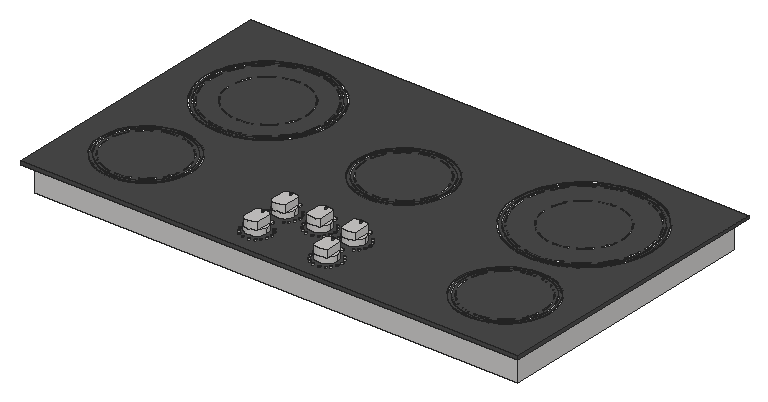
Revit family "QF_Summit_CR5B36MB_Electric Cooktop", category Specialty Equipment, Revit 2020 (continued)
Lines and regions (in)
  symbolic lines
    curve 420: line (28.1715, -16.87962, 0) -> (28.14424, -16.89489, 0)
    curve 421: arc (27.79046, -15.50272, 0) -> (27.82978, -16.0053, 0) -> (27.95934, -16.49248, 0) r 2.77605
    curve 422: line (27.95934, -16.49248, 0) -> (27.98869, -16.48174, 0)
    curve 423: arc (27.98869, -16.48174, 0) -> (27.86055, -15.99984, 0) -> (27.82171, -15.50272, 0) r 2.7448
    curve 424: line (27.82171, -15.50272, 0) -> (27.79046, -15.50272, 0)
    curve 425: arc (16, -15.99759, 0) -> (15.25, -15.24759, 0) -> (14.5, -15.99759, 0) r 0.75
    curve 426: arc (14.5, -15.99759, 0) -> (15.25, -16.74759, 0) -> (16, -15.99759, 0) r 0.75
    curve 427: arc (18.5, -15.99759, 0) -> (17.75, -15.24759, 0) -> (17, -15.99759, 0) r 0.75
    curve 428: arc (17, -15.99759, 0) -> (17.75, -16.74759, 0) -> (18.5, -15.99759, 0) r 0.75
    curve 429: arc (21, -15.99759, 0) -> (20.25, -15.24759, 0) -> (19.5, -15.99759, 0) r 0.75
    curve 430: arc (19.5, -15.99759, 0) -> (20.25, -16.74759, 0) -> (21, -15.99759, 0) r 0.75
    curve 431: arc (16, -18.49759, 0) -> (15.25, -17.74759, 0) -> (14.5, -18.49759, 0) r 0.75
    curve 432: arc (14.5, -18.49759, 0) -> (15.25, -19.24759, 0) -> (16, -18.49759, 0) r 0.75
    curve 433: arc (21, -18.49759, 0) -> (20.25, -17.74759, 0) -> (19.5, -18.49759, 0) r 0.75
    curve 434: arc (19.5, -18.49759, 0) -> (20.25, -19.24759, 0) -> (21, -18.49759, 0) r 0.75
    curve 435: line (19.73023, -17.9569, 0) -> (19.73023, -19.03827, 0)
    curve 436: line (20.76977, -19.03827, 0) -> (20.76977, -17.9569, 0)
    curve 437: arc (20.18649, -17.9429, 0) -> (20.25, -18.00641, 0) -> (20.31351, -17.9429, 0) r 0.06351
    curve 438: arc (20.31351, -17.9429, 0) -> (20.25, -17.87939, 0) -> (20.18649, -17.9429, 0) r 0.06351
    curve 439: line (14.73023, -17.9569, 0) -> (14.73023, -19.03827, 0)
    curve 440: line (15.76977, -19.03827, 0) -> (15.76977, -17.9569, 0)
    curve 441: arc (15.18649, -17.9429, 0) -> (15.25, -18.00641, 0) -> (15.31351, -17.9429, 0) r 0.06351
    curve 442: arc (15.31351, -17.9429, 0) -> (15.25, -17.87939, 0) -> (15.18649, -17.9429, 0) r 0.06351
    curve 443: arc (15.43787, -17.27718, 0) -> (15.25, -17.08931, 0) -> (15.06213, -17.27718, 0) r 0.18787
    curve 444: arc (15.06213, -17.27718, 0) -> (15.25, -17.46506, 0) -> (15.43787, -17.27718, 0) r 0.18787
    curve 445: arc (20.06213, -17.27718, 0) -> (20.25, -17.46506, 0) -> (20.43787, -17.27718, 0) r 0.18787
    curve 446: arc (20.43787, -17.27718, 0) -> (20.25, -17.08931, 0) -> (20.06213, -17.27718, 0) r 0.18787
    curve 447: line (14.73023, -15.4569, 0) -> (14.73023, -16.53827, 0)
    curve 448: arc (15.18649, -15.4429, 0) -> (15.25, -15.50641, 0) -> (15.31351, -15.4429, 0) r 0.06351
    curve 449: arc (15.31351, -15.4429, 0) -> (15.25, -15.37939, 0) -> (15.18649, -15.4429, 0) r 0.06351
    curve 450: line (15.76977, -16.53827, 0) -> (15.76977, -15.4569, 0)
    curve 451: line (17.23023, -15.4569, 0) -> (17.23023, -16.53827, 0)
    curve 452: line (18.26977, -16.53827, 0) -> (18.26977, -15.4569, 0)
    curve 453: line (19.73023, -15.4569, 0) -> (19.73023, -16.53827, 0)
    curve 454: line (20.76977, -16.53827, 0) -> (20.76977, -15.4569, 0)
    curve 455: arc (15.06213, -14.77718, 0) -> (15.25, -14.96506, 0) -> (15.43787, -14.77718, 0) r 0.18787
    curve 456: arc (15.43787, -14.77718, 0) -> (15.25, -14.58931, 0) -> (15.06213, -14.77718, 0) r 0.18787
    curve 457: arc (17.56213, -14.77718, 0) -> (17.75, -14.96506, 0) -> (17.93787, -14.77718, 0) r 0.18787
    curve 458: arc (17.93787, -14.77718, 0) -> (17.75, -14.58931, 0) -> (17.56213, -14.77718, 0) r 0.18787
    curve 459: arc (20.06213, -14.77718, 0) -> (20.25, -14.96506, 0) -> (20.43787, -14.77718, 0) r 0.18787
    curve 460: arc (20.43787, -14.77718, 0) -> (20.25, -14.58931, 0) -> (20.06213, -14.77718, 0) r 0.18787
    curve 461: arc (17.68649, -15.4429, 0) -> (17.75, -15.50641, 0) -> (17.81351, -15.4429, 0) r 0.06351
    curve 462: arc (17.81351, -15.4429, 0) -> (17.75, -15.37939, 0) -> (17.68649, -15.4429, 0) r 0.06351
    curve 463: arc (20.18649, -15.4429, 0) -> (20.25, -15.50641, 0) -> (20.31351, -15.4429, 0) r 0.06351
    curve 464: arc (20.31351, -15.4429, 0) -> (20.25, -15.37939, 0) -> (20.18649, -15.4429, 0) r 0.06351
    curve 465: arc (14.51052, -15.26059, 0) -> (14.57403, -15.3241, 0) -> (14.63754, -15.26059, 0) r 0.06351
    curve 466: arc (14.63754, -15.26059, 0) -> (14.57403, -15.19708, 0) -> (14.51052, -15.26059, 0) r 0.06351
    curve 467: arc (14.30233, -15.52432, 0) -> (14.36584, -15.58783, 0) -> (14.42935, -15.52432, 0) r 0.06351
    curve 468: arc (14.42935, -15.52432, 0) -> (14.36584, -15.46081, 0) -> (14.30233, -15.52432, 0) r 0.06351
    curve 469: arc (14.17128, -15.88931, 0) -> (14.23479, -15.95282, 0) -> (14.2983, -15.88931, 0) r 0.06351
    curve 470: arc (14.2983, -15.88931, 0) -> (14.23479, -15.8258, 0) -> (14.17128, -15.88931, 0) r 0.06351
    curve 471: arc (14.23065, -16.2642, 0) -> (14.29416, -16.32771, 0) -> (14.35767, -16.2642, 0) r 0.06351
    curve 472: arc (14.35767, -16.2642, 0) -> (14.29416, -16.20069, 0) -> (14.23065, -16.2642, 0) r 0.06351
    curve 473: arc (14.39535, -16.60187, 0) -> (14.45886, -16.66538, 0) -> (14.52237, -16.60187, 0) r 0.06351
    curve 474: arc (14.52237, -16.60187, 0) -> (14.45886, -16.53836, 0) -> (14.39535, -16.60187, 0) r 0.06351
    curve 475: arc (14.61566, -16.82218, 0) -> (14.67917, -16.88569, 0) -> (14.74268, -16.82218, 0) r 0.06351
    curve 476: arc (14.74268, -16.82218, 0) -> (14.67917, -16.75867, 0) -> (14.61566, -16.82218, 0) r 0.06351
    curve 477: arc (15.75732, -16.82218, 0) -> (15.82083, -16.88569, 0) -> (15.88434, -16.82218, 0) r 0.06351
    curve 478: arc (15.88434, -16.82218, 0) -> (15.82083, -16.75867, 0) -> (15.75732, -16.82218, 0) r 0.06351
    curve 479: arc (15.97763, -16.60187, 0) -> (16.04114, -16.66538, 0) -> (16.10465, -16.60187, 0) r 0.06351
    curve 480: arc (16.10465, -16.60187, 0) -> (16.04114, -16.53836, 0) -> (15.97763, -16.60187, 0) r 0.06351
    curve 481: arc (16.14233, -16.2642, 0) -> (16.20584, -16.32771, 0) -> (16.26935, -16.2642, 0) r 0.06351
    curve 482: arc (16.26935, -16.2642, 0) -> (16.20584, -16.20069, 0) -> (16.14233, -16.2642, 0) r 0.06351
    curve 483: arc (16.2017, -15.88931, 0) -> (16.26521, -15.95282, 0) -> (16.32872, -15.88931, 0) r 0.06351
    curve 484: arc (16.32872, -15.88931, 0) -> (16.26521, -15.8258, 0) -> (16.2017, -15.88931, 0) r 0.06351
    curve 485: arc (16.07065, -15.52432, 0) -> (16.13416, -15.58783, 0) -> (16.19767, -15.52432, 0) r 0.06351
    curve 486: arc (16.19767, -15.52432, 0) -> (16.13416, -15.46081, 0) -> (16.07065, -15.52432, 0) r 0.06351
    curve 487: arc (15.86246, -15.26059, 0) -> (15.92597, -15.3241, 0) -> (15.98948, -15.26059, 0) r 0.06351
    curve 488: arc (15.98948, -15.26059, 0) -> (15.92597, -15.19708, 0) -> (15.86246, -15.26059, 0) r 0.06351
    curve 489: arc (17.01052, -15.26059, 0) -> (17.07403, -15.3241, 0) -> (17.13754, -15.26059, 0) r 0.06351
    curve 490: arc (17.13754, -15.26059, 0) -> (17.07403, -15.19708, 0) -> (17.01052, -15.26059, 0) r 0.06351
    curve 491: arc (16.80233, -15.52432, 0) -> (16.86584, -15.58783, 0) -> (16.92935, -15.52432, 0) r 0.06351
    curve 492: arc (16.92935, -15.52432, 0) -> (16.86584, -15.46081, 0) -> (16.80233, -15.52432, 0) r 0.06351
    curve 493: arc (16.67128, -15.88931, 0) -> (16.73479, -15.95282, 0) -> (16.7983, -15.88931, 0) r 0.06351
    curve 494: arc (16.7983, -15.88931, 0) -> (16.73479, -15.8258, 0) -> (16.67128, -15.88931, 0) r 0.06351
    curve 495: arc (16.73065, -16.2642, 0) -> (16.79416, -16.32771, 0) -> (16.85767, -16.2642, 0) r 0.06351
    curve 496: arc (16.85767, -16.2642, 0) -> (16.79416, -16.20069, 0) -> (16.73065, -16.2642, 0) r 0.06351
    curve 497: arc (16.89535, -16.60187, 0) -> (16.95886, -16.66538, 0) -> (17.02237, -16.60187, 0) r 0.06351
    curve 498: arc (17.02237, -16.60187, 0) -> (16.95886, -16.53836, 0) -> (16.89535, -16.60187, 0) r 0.06351
    curve 499: arc (17.11566, -16.82218, 0) -> (17.17917, -16.88569, 0) -> (17.24268, -16.82218, 0) r 0.06351
    curve 500: arc (17.24268, -16.82218, 0) -> (17.17917, -16.75867, 0) -> (17.11566, -16.82218, 0) r 0.06351
    curve 501: arc (18.25732, -16.82218, 0) -> (18.32083, -16.88569, 0) -> (18.38434, -16.82218, 0) r 0.06351
    curve 502: arc (18.38434, -16.82218, 0) -> (18.32083, -16.75867, 0) -> (18.25732, -16.82218, 0) r 0.06351
    curve 503: arc (18.47763, -16.60187, 0) -> (18.54114, -16.66538, 0) -> (18.60465, -16.60187, 0) r 0.06351
    curve 504: arc (18.60465, -16.60187, 0) -> (18.54114, -16.53836, 0) -> (18.47763, -16.60187, 0) r 0.06351
    curve 505: arc (18.64233, -16.2642, 0) -> (18.70584, -16.32771, 0) -> (18.76935, -16.2642, 0) r 0.06351
    curve 506: arc (18.76935, -16.2642, 0) -> (18.70584, -16.20069, 0) -> (18.64233, -16.2642, 0) r 0.06351
    curve 507: arc (18.7017, -15.88931, 0) -> (18.76521, -15.95282, 0) -> (18.82872, -15.88931, 0) r 0.06351
    curve 508: arc (18.82872, -15.88931, 0) -> (18.76521, -15.8258, 0) -> (18.7017, -15.88931, 0) r 0.06351
    curve 509: arc (18.57065, -15.52432, 0) -> (18.63416, -15.58783, 0) -> (18.69767, -15.52432, 0) r 0.06351
    curve 510: arc (18.69767, -15.52432, 0) -> (18.63416, -15.46081, 0) -> (18.57065, -15.52432, 0) r 0.06351
    curve 511: arc (18.36246, -15.26059, 0) -> (18.42597, -15.3241, 0) -> (18.48948, -15.26059, 0) r 0.06351
    curve 512: arc (18.48948, -15.26059, 0) -> (18.42597, -15.19708, 0) -> (18.36246, -15.26059, 0) r 0.06351
    curve 513: arc (19.51052, -15.26059, 0) -> (19.57403, -15.3241, 0) -> (19.63754, -15.26059, 0) r 0.06351
    curve 514: arc (19.63754, -15.26059, 0) -> (19.57403, -15.19708, 0) -> (19.51052, -15.26059, 0) r 0.06351
    curve 515: arc (19.30233, -15.52432, 0) -> (19.36584, -15.58783, 0) -> (19.42935, -15.52432, 0) r 0.06351
    curve 516: arc (19.42935, -15.52432, 0) -> (19.36584, -15.46081, 0) -> (19.30233, -15.52432, 0) r 0.06351
    curve 517: arc (19.17128, -15.88931, 0) -> (19.23479, -15.95282, 0) -> (19.2983, -15.88931, 0) r 0.06351
    curve 518: arc (19.2983, -15.88931, 0) -> (19.23479, -15.8258, 0) -> (19.17128, -15.88931, 0) r 0.06351
    curve 519: arc (19.23065, -16.2642, 0) -> (19.29416, -16.32771, 0) -> (19.35767, -16.2642, 0) r 0.06351
    curve 520: arc (19.35767, -16.2642, 0) -> (19.29416, -16.20069, 0) -> (19.23065, -16.2642, 0) r 0.06351
    curve 521: arc (19.39535, -16.60187, 0) -> (19.45886, -16.66538, 0) -> (19.52237, -16.60187, 0) r 0.06351
    curve 522: arc (19.52237, -16.60187, 0) -> (19.45886, -16.53836, 0) -> (19.39535, -16.60187, 0) r 0.06351
    curve 523: arc (19.61566, -16.82218, 0) -> (19.67917, -16.88569, 0) -> (19.74268, -16.82218, 0) r 0.06351
    curve 524: arc (19.74268, -16.82218, 0) -> (19.67917, -16.75867, 0) -> (19.61566, -16.82218, 0) r 0.06351
    curve 525: arc (20.75732, -16.82218, 0) -> (20.82083, -16.88569, 0) -> (20.88434, -16.82218, 0) r 0.06351
    curve 526: arc (20.88434, -16.82218, 0) -> (20.82083, -16.75867, 0) -> (20.75732, -16.82218, 0) r 0.06351
    curve 527: arc (20.97763, -16.60187, 0) -> (21.04114, -16.66538, 0) -> (21.10465, -16.60187, 0) r 0.06351
    curve 528: arc (21.10465, -16.60187, 0) -> (21.04114, -16.53836, 0) -> (20.97763, -16.60187, 0) r 0.06351
    curve 529: arc (21.14233, -16.2642, 0) -> (21.20584, -16.32771, 0) -> (21.26935, -16.2642, 0) r 0.06351
    curve 530: arc (21.26935, -16.2642, 0) -> (21.20584, -16.20069, 0) -> (21.14233, -16.2642, 0) r 0.06351
    curve 531: arc (21.2017, -15.88931, 0) -> (21.26521, -15.95282, 0) -> (21.32872, -15.88931, 0) r 0.06351
    curve 532: arc (21.32872, -15.88931, 0) -> (21.26521, -15.8258, 0) -> (21.2017, -15.88931, 0) r 0.06351
    curve 533: arc (21.07065, -15.52432, 0) -> (21.13416, -15.58783, 0) -> (21.19767, -15.52432, 0) r 0.06351
    curve 534: arc (21.19767, -15.52432, 0) -> (21.13416, -15.46081, 0) -> (21.07065, -15.52432, 0) r 0.06351
    curve 535: arc (20.86246, -15.26059, 0) -> (20.92597, -15.3241, 0) -> (20.98948, -15.26059, 0) r 0.06351
    curve 536: arc (20.98948, -15.26059, 0) -> (20.92597, -15.19708, 0) -> (20.86246, -15.26059, 0) r 0.06351
    curve 537: arc (14.51052, -17.76059, 0) -> (14.57403, -17.8241, 0) -> (14.63754, -17.76059, 0) r 0.06351
    curve 538: arc (14.63754, -17.76059, 0) -> (14.57403, -17.69708, 0) -> (14.51052, -17.76059, 0) r 0.06351
    curve 539: arc (14.30233, -18.02432, 0) -> (14.36584, -18.08783, 0) -> (14.42935, -18.02432, 0) r 0.06351
    curve 540: arc (14.42935, -18.02432, 0) -> (14.36584, -17.96081, 0) -> (14.30233, -18.02432, 0) r 0.06351
    curve 541: arc (14.17128, -18.38931, 0) -> (14.23479, -18.45282, 0) -> (14.2983, -18.38931, 0) r 0.06351
    curve 542: arc (14.2983, -18.38931, 0) -> (14.23479, -18.3258, 0) -> (14.17128, -18.38931, 0) r 0.06351
    curve 543: arc (14.23065, -18.7642, 0) -> (14.29416, -18.82771, 0) -> (14.35767, -18.7642, 0) r 0.06351
    curve 544: arc (14.35767, -18.7642, 0) -> (14.29416, -18.70069, 0) -> (14.23065, -18.7642, 0) r 0.06351
    curve 545: arc (14.39535, -19.10187, 0) -> (14.45886, -19.16538, 0) -> (14.52237, -19.10187, 0) r 0.06351
    curve 546: arc (14.52237, -19.10187, 0) -> (14.45886, -19.03836, 0) -> (14.39535, -19.10187, 0) r 0.06351
    curve 547: arc (14.61566, -19.32218, 0) -> (14.67917, -19.38569, 0) -> (14.74268, -19.32218, 0) r 0.06351
    curve 548: arc (14.74268, -19.32218, 0) -> (14.67917, -19.25867, 0) -> (14.61566, -19.32218, 0) r 0.06351
    curve 549: arc (15.75732, -19.32218, 0) -> (15.82083, -19.38569, 0) -> (15.88434, -19.32218, 0) r 0.06351
    curve 550: arc (15.88434, -19.32218, 0) -> (15.82083, -19.25867, 0) -> (15.75732, -19.32218, 0) r 0.06351
    curve 551: arc (15.97763, -19.10187, 0) -> (16.04114, -19.16538, 0) -> (16.10465, -19.10187, 0) r 0.06351
    curve 552: arc (16.10465, -19.10187, 0) -> (16.04114, -19.03836, 0) -> (15.97763, -19.10187, 0) r 0.06351
    curve 553: arc (16.14233, -18.7642, 0) -> (16.20584, -18.82771, 0) -> (16.26935, -18.7642, 0) r 0.06351
    curve 554: arc (16.26935, -18.7642, 0) -> (16.20584, -18.70069, 0) -> (16.14233, -18.7642, 0) r 0.06351
    curve 555: arc (16.2017, -18.38931, 0) -> (16.26521, -18.45282, 0) -> (16.32872, -18.38931, 0) r 0.06351
    curve 556: arc (16.32872, -18.38931, 0) -> (16.26521, -18.3258, 0) -> (16.2017, -18.38931, 0) r 0.06351
    curve 557: arc (16.07065, -18.02432, 0) -> (16.13416, -18.08783, 0) -> (16.19767, -18.02432, 0) r 0.06351
    curve 558: arc (16.19767, -18.02432, 0) -> (16.13416, -17.96081, 0) -> (16.07065, -18.02432, 0) r 0.06351
    curve 559: arc (15.86246, -17.76059, 0) -> (15.92597, -17.8241, 0) -> (15.98948, -17.76059, 0) r 0.06351
    curve 560: arc (15.98948, -17.76059, 0) -> (15.92597, -17.69708, 0) -> (15.86246, -17.76059, 0) r 0.06351
    curve 561: arc (19.51052, -17.76059, 0) -> (19.57403, -17.8241, 0) -> (19.63754, -17.76059, 0) r 0.06351
    curve 562: arc (19.63754, -17.76059, 0) -> (19.57403, -17.69708, 0) -> (19.51052, -17.76059, 0) r 0.06351
    curve 563: arc (19.30233, -18.02432, 0) -> (19.36584, -18.08783, 0) -> (19.42935, -18.02432, 0) r 0.06351
    curve 564: arc (19.42935, -18.02432, 0) -> (19.36584, -17.96081, 0) -> (19.30233, -18.02432, 0) r 0.06351
    curve 565: arc (19.17128, -18.38931, 0) -> (19.23479, -18.45282, 0) -> (19.2983, -18.38931, 0) r 0.06351
    curve 566: arc (19.2983, -18.38931, 0) -> (19.23479, -18.3258, 0) -> (19.17128, -18.38931, 0) r 0.06351
    curve 567: arc (19.23065, -18.7642, 0) -> (19.29416, -18.82771, 0) -> (19.35767, -18.7642, 0) r 0.06351
    curve 568: arc (19.35767, -18.7642, 0) -> (19.29416, -18.70069, 0) -> (19.23065, -18.7642, 0) r 0.06351
    curve 569: arc (19.39535, -19.10187, 0) -> (19.45886, -19.16538, 0) -> (19.52237, -19.10187, 0) r 0.06351
    curve 570: arc (19.52237, -19.10187, 0) -> (19.45886, -19.03836, 0) -> (19.39535, -19.10187, 0) r 0.06351
    curve 571: arc (19.61566, -19.32218, 0) -> (19.67917, -19.38569, 0) -> (19.74268, -19.32218, 0) r 0.06351
    curve 572: arc (19.74268, -19.32218, 0) -> (19.67917, -19.25867, 0) -> (19.61566, -19.32218, 0) r 0.06351
    curve 573: arc (20.75732, -19.32218, 0) -> (20.82083, -19.38569, 0) -> (20.88434, -19.32218, 0) r 0.06351
    curve 574: arc (20.88434, -19.32218, 0) -> (20.82083, -19.25867, 0) -> (20.75732, -19.32218, 0) r 0.06351
    curve 575: arc (20.97763, -19.10187, 0) -> (21.04114, -19.16538, 0) -> (21.10465, -19.10187, 0) r 0.06351
    curve 576: arc (21.10465, -19.10187, 0) -> (21.04114, -19.03836, 0) -> (20.97763, -19.10187, 0) r 0.06351
    curve 577: arc (21.14233, -18.7642, 0) -> (21.20584, -18.82771, 0) -> (21.26935, -18.7642, 0) r 0.06351
    curve 578: arc (21.26935, -18.7642, 0) -> (21.20584, -18.70069, 0) -> (21.14233, -18.7642, 0) r 0.06351
    curve 579: arc (21.2017, -18.38931, 0) -> (21.26521, -18.45282, 0) -> (21.32872, -18.38931, 0) r 0.06351
    curve 580: arc (21.32872, -18.38931, 0) -> (21.26521, -18.3258, 0) -> (21.2017, -18.38931, 0) r 0.06351
    curve 581: arc (21.07065, -18.02432, 0) -> (21.13416, -18.08783, 0) -> (21.19767, -18.02432, 0) r 0.06351
    curve 582: arc (21.19767, -18.02432, 0) -> (21.13416, -17.96081, 0) -> (21.07065, -18.02432, 0) r 0.06351
    curve 583: arc (20.86246, -17.76059, 0) -> (20.92597, -17.8241, 0) -> (20.98948, -17.76059, 0) r 0.06351
    curve 584: arc (20.98948, -17.76059, 0) -> (20.92597, -17.69708, 0) -> (20.86246, -17.76059, 0) r 0.06351
    curve 585: arc (14.95469, -19.46732, 0) -> (15.0182, -19.53083, 0) -> (15.08171, -19.46732, 0) r 0.06351
    curve 586: arc (15.08171, -19.46732, 0) -> (15.0182, -19.40381, 0) -> (14.95469, -19.46732, 0) r 0.06351
    curve 587: arc (15.41829, -19.46732, 0) -> (15.4818, -19.53083, 0) -> (15.54531, -19.46732, 0) r 0.06351
    curve 588: arc (15.54531, -19.46732, 0) -> (15.4818, -19.40381, 0) -> (15.41829, -19.46732, 0) r 0.06351
    curve 589: arc (17.58171, -16.96732, 0) -> (17.5182, -16.90381, 0) -> (17.45469, -16.96732, 0) r 0.06351
    curve 590: arc (17.45469, -16.96732, 0) -> (17.5182, -17.03083, 0) -> (17.58171, -16.96732, 0) r 0.06351
    curve 591: arc (18.04531, -16.96732, 0) -> (17.9818, -16.90381, 0) -> (17.91829, -16.96732, 0) r 0.06351
    curve 592: arc (17.91829, -16.96732, 0) -> (17.9818, -17.03083, 0) -> (18.04531, -16.96732, 0) r 0.06351
    curve 593: arc (19.95469, -19.46732, 0) -> (20.0182, -19.53083, 0) -> (20.08171, -19.46732, 0) r 0.06351
    curve 594: arc (20.08171, -19.46732, 0) -> (20.0182, -19.40381, 0) -> (19.95469, -19.46732, 0) r 0.06351
    curve 595: arc (20.41829, -19.46732, 0) -> (20.4818, -19.53083, 0) -> (20.54531, -19.46732, 0) r 0.06351
    curve 596: arc (20.54531, -19.46732, 0) -> (20.4818, -19.40381, 0) -> (20.41829, -19.46732, 0) r 0.06351
Dimensions and locks (in)
  equal spacing: plane 3 "LEFT", plane 7 "Center Y", plane 4 "RIGHT"
  "Length": plane 3 "LEFT" to plane 4 "RIGHT"
  equal spacing: plane 5 "FRONT", plane 8 "Center X", plane 1 "BACK"
  "Depth": plane 5 "FRONT" to plane 1 "BACK"
  "Height": plane 6 "TOP" to level
  plane 10 to plane 9 = 19 1/4"
  plane 11 to plane 12 = 34 1/2"  (x2)
  plane 6 "TOP" to plane 13 = 1/4"
  plane 13 to plane 2 = 1.88"
  plane 11 to plane 3 "LEFT" = 1/2"
  plane 4 "RIGHT" to plane 12 = 1/2"
  plane 4 "RIGHT" to plane 3 "LEFT" = 35 1/2"
  locked: plane 2 to plane 14 at 1
  plane 15 to plane 6 "TOP" = 1"
  aligned and locked: level to plane 2
Automatic sketch dimensions
  Extrusion 2 sketch curve to Extrusion 2 sketch curve = 0"  (x11822)
  Extrusion 2 sketch curve to plane 12 = 1.57555"
  Extrusion 2 sketch curve to Extrusion 2 sketch curve = 0.02973"
  Extrusion 2 sketch curve to Extrusion 2 sketch curve = 1/32"  (x19)
  plane 8 "Center X" to Extrusion 2 sketch curve = 3.20844"
  Extrusion 2 sketch curve to Extrusion 2 sketch curve = 0.03104"
  Extrusion 2 sketch curve to plane 10 = 4.89765"
  Extrusion 2 sketch curve to Extrusion 2 sketch curve = 0.08627"
  Extrusion 2 sketch curve to plane 10 = 4.90482"
  Extrusion 2 sketch curve to plane 12 = 1.65774"
  Extrusion 2 sketch curve to plane 9 = 3.86577"  (x2)
  Extrusion 2 sketch curve to Extrusion 2 sketch curve = 0.0089"  (x2)
  Extrusion 2 sketch curve to Extrusion 2 sketch curve = 0.0308"  (x6)
  Extrusion 2 sketch curve to Extrusion 2 sketch curve = 0.10949"
  plane 8 "Center X" to Extrusion 2 sketch curve = 2.19291"
  Extrusion 2 sketch curve to Extrusion 2 sketch curve = 0.21075"
  Extrusion 2 sketch curve to Extrusion 2 sketch curve = 0.02942"  (x3)
  plane 8 "Center X" to Extrusion 2 sketch curve = 2.20371"
  Extrusion 2 sketch curve to Extrusion 2 sketch curve = 0.02932"
  Extrusion 2 sketch curve to plane 9 = 5.26695"  (x2)
  Extrusion 2 sketch curve to Extrusion 2 sketch curve = 0.1292"  (x2)
  Extrusion 2 sketch curve to plane 9 = 5.25648"  (x2)
  Extrusion 2 sketch curve to Extrusion 2 sketch curve = 0.02944"  (x3)
  plane 8 "Center X" to Extrusion 2 sketch curve = 1.76637"
  Extrusion 2 sketch curve to Extrusion 2 sketch curve = 0.15379"
  plane 8 "Center X" to Extrusion 2 sketch curve = 1.78019"
  Extrusion 2 sketch curve to Extrusion 2 sketch curve = 0.02803"
  Extrusion 2 sketch curve to Extrusion 2 sketch curve = 0.16542"  (x2)
  Extrusion 2 sketch curve to plane 9 = 2.93471"  (x2)
  Extrusion 2 sketch curve to Extrusion 2 sketch curve = 0.30898"  (x2)
  Extrusion 2 sketch curve to Extrusion 2 sketch curve = 0.02725"  (x3)
  Extrusion 2 sketch curve to plane 9 = 2.95049"  (x2)
  Extrusion 2 sketch curve to Extrusion 2 sketch curve = 0.02697"  (x3)
  Extrusion 2 sketch curve to plane 10 = 3.46297"
  Extrusion 2 sketch curve to Extrusion 2 sketch curve = 0.45394"
  Extrusion 2 sketch curve to plane 10 = 3.48031"
  Extrusion 2 sketch curve to Extrusion 2 sketch curve = 0.026"
  Extrusion 2 sketch curve to plane 9 = 2.55398"  (x2)
  Extrusion 2 sketch curve to Extrusion 2 sketch curve = 0.24103"  (x3)
  Extrusion 2 sketch curve to plane 9 = 2.57616"  (x2)
  Extrusion 2 sketch curve to Extrusion 2 sketch curve = 0.02218"  (x5)
  Extrusion 2 sketch curve to plane 10 = 3.09567"
  Extrusion 2 sketch curve to Extrusion 2 sketch curve = 0.24757"
  Extrusion 2 sketch curve to plane 10 = 3.11561"
  Extrusion 2 sketch curve to Extrusion 2 sketch curve = 0.02406"
  plane 8 "Center X" to Extrusion 2 sketch curve = 0.86218"
  Extrusion 2 sketch curve to Extrusion 2 sketch curve = 0.56594"
  plane 8 "Center X" to Extrusion 2 sketch curve = 0.88435"
  Extrusion 2 sketch curve to plane 8 "Center X" = 3.15053"
  Extrusion 2 sketch curve to Extrusion 2 sketch curve = 0.6225"  (x2)
  Extrusion 2 sketch curve to plane 8 "Center X" = 3.17273"
  Extrusion 2 sketch curve to Extrusion 2 sketch curve = 0.0222"  (x8)
  plane 8 "Center X" to Extrusion 2 sketch curve = 0.52088"
  Extrusion 2 sketch curve to Extrusion 2 sketch curve = 0.32279"
  plane 8 "Center X" to Extrusion 2 sketch curve = 139/256"
  Extrusion 2 sketch curve to Extrusion 2 sketch curve = 0.0221"  (x2)
  Extrusion 2 sketch curve to plane 8 "Center X" = 2.89519"
  Extrusion 2 sketch curve to Extrusion 2 sketch curve = 0.34188"  (x3)
  Extrusion 2 sketch curve to plane 9 = 1.93504"  (x2)
  Extrusion 2 sketch curve to plane 8 "Center X" = 2.92213"
  Extrusion 2 sketch curve to Extrusion 2 sketch curve = 0.01584"  (x3)
  Extrusion 2 sketch curve to plane 9 = 1.96207"  (x2)
  Extrusion 2 sketch curve to Extrusion 2 sketch curve = 1.62676"
  plane 8 "Center X" to Extrusion 2 sketch curve = 3.26756"  (x2)
  Extrusion 2 sketch curve to Extrusion 2 sketch curve = 0.00558"  (x3)
  plane 8 "Center X" to Extrusion 2 sketch curve = 3.27266"  (x2)
  Extrusion 2 sketch curve to Extrusion 2 sketch curve = 0.03083"  (x2)
  Extrusion 2 sketch curve to plane 10 = 2.33822"
  Extrusion 2 sketch curve to plane 10 = 4.93798"  (x2)
  Extrusion 2 sketch curve to plane 10 = 2.3606"
  Extrusion 2 sketch curve to plane 10 = 4.94901"  (x2)
  Extrusion 2 sketch curve to plane 9 = 1.73386"  (x2)
  Extrusion 2 sketch curve to Extrusion 2 sketch curve = 0.41133"  (x3)
  Extrusion 2 sketch curve to plane 9 = 1.76316"  (x2)
  Extrusion 2 sketch curve to Extrusion 2 sketch curve = 0.01087"  (x3)
  Extrusion 2 sketch curve to plane 10 = 4.5657"
  Extrusion 2 sketch curve to Extrusion 2 sketch curve = 0.144"  (x2)
  plane 8 "Center X" to Extrusion 2 sketch curve = 2.32916"  (x2)
  Extrusion 2 sketch curve to plane 10 = 4.58096"
  Extrusion 2 sketch curve to Extrusion 2 sketch curve = 0.02727"  (x2)
  plane 8 "Center X" to Extrusion 2 sketch curve = 2.34492"  (x2)
  Extrusion 2 sketch curve to plane 10 = 2.11391"
  Extrusion 2 sketch curve to Extrusion 2 sketch curve = 0.31987"
  Extrusion 2 sketch curve to plane 10 = 2.14081"
  Extrusion 2 sketch curve to Extrusion 2 sketch curve = 0.0159"
  Extrusion 2 sketch curve to plane 8 "Center X" = 0.10661"
  Extrusion 2 sketch curve to plane 8 "Center X" = 0.07951"
  plane 8 "Center X" to Extrusion 2 sketch curve = 1.95063"  (x2)
  Extrusion 2 sketch curve to Extrusion 2 sketch curve = 0.2392"  (x2)
  plane 8 "Center X" to Extrusion 2 sketch curve = 1.97282"  (x2)
  Extrusion 2 sketch curve to plane 8 "Center X" = 2.55785"
  Extrusion 2 sketch curve to plane 8 "Center X" = 2.58859"
  Extrusion 2 sketch curve to plane 8 "Center X" = 0.31574"
  Extrusion 2 sketch curve to Extrusion 2 sketch curve = 0.39751"
  Extrusion 2 sketch curve to plane 8 "Center X" = 0.28716"
  Extrusion 2 sketch curve to Extrusion 2 sketch curve = 0.01263"
  Extrusion 2 sketch curve to plane 10 = 3.76764"  (x2)
  Extrusion 2 sketch curve to plane 10 = 3.79198"  (x2)
  Extrusion 2 sketch curve to Extrusion 2 sketch curve = 0.46522"  (x3)
  Extrusion 2 sketch curve to Extrusion 2 sketch curve = 0.94381"  (x3)
  Extrusion 2 sketch curve to plane 10 = 3.53891"  (x2)
  Extrusion 2 sketch curve to Extrusion 2 sketch curve = 0.31105"  (x2)
  Extrusion 2 sketch curve to plane 10 = 3.56584"  (x2)
  Extrusion 2 sketch curve to Extrusion 2 sketch curve = 0.01585"  (x2)
  plane 8 "Center X" to Extrusion 2 sketch curve = 1.32823"  (x2)
  plane 8 "Center X" to Extrusion 2 sketch curve = 1.35537"  (x2)
  Extrusion 2 sketch curve to plane 10 = 1.67956"
  Extrusion 2 sketch curve to plane 10 = 1.70955"
  Extrusion 2 sketch curve to plane 9 = 1.62398"  (x2)
  Extrusion 2 sketch curve to Extrusion 2 sketch curve = 0.42951"  (x3)
  Extrusion 2 sketch curve to plane 9 = 1.59309"  (x2)
  Extrusion 2 sketch curve to Extrusion 2 sketch curve = 0.00477"  (x3)
  plane 8 "Center X" to Extrusion 2 sketch curve = 1.13167"  (x2)
  Extrusion 2 sketch curve to Extrusion 2 sketch curve = 0.40878"  (x2)
  plane 8 "Center X" to Extrusion 2 sketch curve = 1.16104"  (x2)
  Extrusion 2 sketch curve to Extrusion 2 sketch curve = 0.01068"  (x2)
  Extrusion 2 sketch curve to plane 10 = 1.57171"
  Extrusion 2 sketch curve to Extrusion 2 sketch curve = 0.44632"
  Extrusion 2 sketch curve to plane 10 = 1.60246"
  Extrusion 2 sketch curve to plane 8 "Center X" = 0.62469"
  Extrusion 2 sketch curve to plane 8 "Center X" = 0.59392"
  Extrusion 2 sketch curve to plane 8 "Center X" = 2.71252"
  Extrusion 2 sketch curve to Extrusion 2 sketch curve = 0.97809"  (x3)
  Extrusion 2 sketch curve to plane 8 "Center X" = 2.68319"
  Extrusion 2 sketch curve to Extrusion 2 sketch curve = 0.01079"  (x3)
  Extrusion 2 sketch curve to plane 10 = 3.19597"  (x2)
  Extrusion 2 sketch curve to plane 10 = 3.2268"  (x2)
  Extrusion 2 sketch curve to plane 8 "Center X" = 0.68034"
  Extrusion 2 sketch curve to Extrusion 2 sketch curve = 0.44241"
  Extrusion 2 sketch curve to Extrusion 2 sketch curve = 0.43746"  (x3)
  Extrusion 2 sketch curve to Extrusion 2 sketch curve = 0.38206"  (x2)
  Extrusion 2 sketch curve to Extrusion 2 sketch curve = 0.01578"  (x3)
  Extrusion 2 sketch curve to plane 9 = 1.97936"  (x2)
  Extrusion 2 sketch curve to plane 9 = 1.95252"  (x2)
  Extrusion 2 sketch curve to Extrusion 2 sketch curve = 0.94818"  (x2)
  Extrusion 2 sketch curve to plane 10 = 1.54045"
  Extrusion 2 sketch curve to plane 10 = 1.50926"
  Extrusion 2 sketch curve to plane 9 = 2.21634"
  Extrusion 2 sketch curve to Extrusion 2 sketch curve = 0.33695"  (x3)
  Extrusion 2 sketch curve to plane 9 = 2.19414"
  plane 8 "Center X" to Extrusion 2 sketch curve = 1.03785"  (x2)
  Extrusion 2 sketch curve to Extrusion 2 sketch curve = 0.44804"  (x2)
  plane 8 "Center X" to Extrusion 2 sketch curve = 1.00707"  (x2)
  Extrusion 2 sketch curve to Extrusion 2 sketch curve = 0.00537"  (x2)
  Extrusion 2 sketch curve to Extrusion 2 sketch curve = 0.72622"  (x3)
  Extrusion 2 sketch curve to Extrusion 2 sketch curve = 0.02404"  (x3)
  Extrusion 2 sketch curve to plane 10 = 1.59417"
  Extrusion 2 sketch curve to Extrusion 2 sketch curve = 0.4638"
  Extrusion 2 sketch curve to plane 10 = 1.56337"
  Extrusion 2 sketch curve to Extrusion 2 sketch curve = 0.00525"
  Extrusion 2 sketch curve to plane 8 "Center X" = 0.59403"
  Extrusion 2 sketch curve to Extrusion 2 sketch curve = 1.07961"
  Extrusion 2 sketch curve to plane 8 "Center X" = 0.6248"
  Extrusion 2 sketch curve to Extrusion 2 sketch curve = 0.25346"  (x3)
  Extrusion 2 sketch curve to Extrusion 2 sketch curve = 0.02693"  (x3)
  Extrusion 2 sketch curve to plane 9 = 2.99538"
  Extrusion 2 sketch curve to Extrusion 2 sketch curve = 1.01341"  (x2)
  Extrusion 2 sketch curve to Extrusion 2 sketch curve = 0.01092"  (x2)
  Extrusion 2 sketch curve to plane 9 = 2.98011"
  Extrusion 2 sketch curve to Extrusion 2 sketch curve = 0.18281"  (x3)
  Extrusion 2 sketch curve to Extrusion 2 sketch curve = 0.02935"  (x3)
  Extrusion 2 sketch curve to plane 8 "Center X" = 0.49291"
  Extrusion 2 sketch curve to Extrusion 2 sketch curve = 0.43933"
  Extrusion 2 sketch curve to plane 8 "Center X" = 0.52297"
  Extrusion 2 sketch curve to Extrusion 2 sketch curve = 0.00857"
  Extrusion 2 sketch curve to Extrusion 2 sketch curve = 0.3401"  (x3)
  Extrusion 2 sketch curve to Extrusion 2 sketch curve = 0.03919"  (x3)
  Extrusion 2 sketch curve to Extrusion 2 sketch curve = 0.39984"  (x2)
  Extrusion 2 sketch curve to Extrusion 2 sketch curve = 0.01552"  (x2)
  plane 8 "Center X" to Extrusion 2 sketch curve = 1.37772"  (x2)
  plane 8 "Center X" to Extrusion 2 sketch curve = 1.35084"  (x2)
  plane 8 "Center X" to Extrusion 2 sketch curve = 1.62419"
  Extrusion 2 sketch curve to Extrusion 2 sketch curve = 0.34962"  (x2)
  Extrusion 2 sketch curve to plane 10 = 1.89759"
  plane 8 "Center X" to Extrusion 2 sketch curve = 1.60015"
  Extrusion 2 sketch curve to Extrusion 2 sketch curve = 0.01996"  (x2)
  Extrusion 2 sketch curve to plane 10 = 1.86895"
  Extrusion 2 sketch curve to Extrusion 2 sketch curve = 0.74742"  (x2)
  Extrusion 2 sketch curve to Extrusion 2 sketch curve = 0.02411"  (x2)
  Extrusion 2 sketch curve to plane 8 "Center X" = 11/128"
  Extrusion 2 sketch curve to plane 8 "Center X" = 0.11309"
  Extrusion 2 sketch curve to plane 10 = 2.11686"
  Extrusion 2 sketch curve to Extrusion 2 sketch curve = 0.43463"
  Extrusion 2 sketch curve to plane 10 = 2.08978"
  Extrusion 2 sketch curve to Extrusion 2 sketch curve = 1/64"
  Extrusion 2 sketch curve to Extrusion 2 sketch curve = 0.2443"  (x2)
  Extrusion 2 sketch curve to Extrusion 2 sketch curve = 0.02692"  (x2)
  plane 8 "Center X" to Extrusion 2 sketch curve = 2.38316"
  plane 8 "Center X" to Extrusion 2 sketch curve = 2.36784"
  plane 8 "Center X" to Extrusion 2 sketch curve = 0.16354"
  Extrusion 2 sketch curve to Extrusion 2 sketch curve = 0.38837"
  Extrusion 2 sketch curve to Extrusion 2 sketch curve = 0.18999"  (x2)
  plane 8 "Center X" to Extrusion 2 sketch curve = 0.13817"
  Extrusion 2 sketch curve to Extrusion 2 sketch curve = 0.01825"
  Extrusion 2 sketch curve to Extrusion 2 sketch curve = 0.3326"  (x2)
  Extrusion 2 sketch curve to Extrusion 2 sketch curve = 0.03074"  (x4)
  Extrusion 2 sketch curve to Extrusion 2 sketch curve = 0.03902"  (x2)
  Extrusion 2 sketch curve to Extrusion 2 sketch curve = 0.03131"  (x3)
  Extrusion 2 sketch curve to plane 10 = 2.73507"
  Extrusion 2 sketch curve to plane 10 = 2.71296"
  Extrusion 2 sketch curve to Extrusion 2 sketch curve = 0.3285"
  plane 8 "Center X" to Extrusion 2 sketch curve = 0.89617"
  Extrusion 2 sketch curve to Extrusion 2 sketch curve = 0.02386"
  plane 8 "Center X" to Extrusion 2 sketch curve = 0.87399"
  Extrusion 2 sketch curve to Extrusion 2 sketch curve = 0.28259"
  Extrusion 2 sketch curve to Extrusion 2 sketch curve = 0.02592"
  Extrusion 2 sketch curve to Extrusion 2 sketch curve = 0.58002"
  Extrusion 2 sketch curve to Extrusion 2 sketch curve = 0.02801"
  Extrusion 2 sketch curve to Extrusion 2 sketch curve = 0.17561"
  Extrusion 2 sketch curve to Extrusion 2 sketch curve = 0.48756"
  Extrusion 2 sketch curve to Extrusion 2 sketch curve = 0.02926"
  Extrusion 2 sketch curve to Extrusion 2 sketch curve = 0.0294"
  Extrusion 2 sketch curve to Extrusion 2 sketch curve = 0.13097"
  Extrusion 2 sketch curve to Extrusion 2 sketch curve = 0.03033"
  Extrusion 2 sketch curve to Extrusion 2 sketch curve = 0.25109"
  Extrusion 2 sketch curve to Extrusion 2 sketch curve = 0.02761"
  Extrusion 2 sketch curve to Extrusion 2 sketch curve = 0.03105"
  plane 7 "Center Y" to Extrusion 2 sketch curve = 2.77598"
  plane 7 "Center Y" to Extrusion 2 sketch curve = 2.73583"
  plane 7 "Center Y" to Extrusion 2 sketch curve = 2.61553"
  plane 7 "Center Y" to Extrusion 2 sketch curve = 2.42067"
  plane 7 "Center Y" to Extrusion 2 sketch curve = 2.39605"
  Extrusion 2 sketch curve to plane 8 "Center X" = 0.06624"
  Extrusion 2 sketch curve to plane 8 "Center X" = 0.04406"
  plane 7 "Center Y" to Extrusion 2 sketch curve = 1.77092"
  Extrusion 2 sketch curve to plane 8 "Center X" = 0.68519"
  Extrusion 2 sketch curve to Extrusion 2 sketch curve = 0.71347"
  Extrusion 2 sketch curve to plane 8 "Center X" = 0.65815"
  Extrusion 2 sketch curve to Extrusion 2 sketch curve = 0.01567"
  Extrusion 2 sketch curve to Extrusion 2 sketch curve = 0.89021"  (x2)
  Extrusion 2 sketch curve to Extrusion 2 sketch curve = 0.00564"  (x2)
  Extrusion 2 sketch curve to plane 8 "Center X" = 0.99625"
  Extrusion 2 sketch curve to plane 8 "Center X" = 1.02713"
  Extrusion 2 sketch curve to plane 8 "Center X" = 0.64087"
  Extrusion 2 sketch curve to plane 8 "Center X" = 0.6677"
  Extrusion 2 sketch curve to plane 8 "Center X" = 0.40388"
  Extrusion 2 sketch curve to plane 8 "Center X" = 0.42608"
  plane 8 "Center X" to Extrusion 2 sketch curve = 0.37516"
  plane 8 "Center X" to Extrusion 2 sketch curve = 0.35989"
  plane 8 "Center X" to Extrusion 2 sketch curve = 0.77304"
  plane 8 "Center X" to Extrusion 2 sketch curve = 0.7623"
  plane 8 "Center X" to Extrusion 2 sketch curve = 2.17997"
  plane 8 "Center X" to Extrusion 2 sketch curve = 2.18525"
  Extrusion 2 sketch curve to Extrusion 2 sketch curve = 4.81332"
  plane 8 "Center X" to Extrusion 2 sketch curve = 3.26425"
  Extrusion 2 sketch curve to Extrusion 2 sketch curve = 0.02523"
  plane 8 "Center X" to Extrusion 2 sketch curve = 3.26773"
  Extrusion 2 sketch curve to Extrusion 2 sketch curve = 0.03106"
  Extrusion 2 sketch curve to plane 10 = 4.90116"
  Extrusion 2 sketch curve to Extrusion 2 sketch curve = 0.09582"
  Extrusion 2 sketch curve to plane 10 = 4.90891"
  Extrusion 2 sketch curve to Extrusion 2 sketch curve = 0.11191"
  plane 8 "Center X" to Extrusion 2 sketch curve = 2.24713"
  Extrusion 2 sketch curve to Extrusion 2 sketch curve = 0.21885"
  Extrusion 2 sketch curve to plane 10 = 4.46629"
  Extrusion 2 sketch curve to Extrusion 2 sketch curve = 0.02918"
  plane 8 "Center X" to Extrusion 2 sketch curve = 2.25844"
  plane 8 "Center X" to Extrusion 2 sketch curve = 1.80919"
  Extrusion 2 sketch curve to Extrusion 2 sketch curve = 0.17154"
  plane 8 "Center X" to Extrusion 2 sketch curve = 1.82387"
  Extrusion 2 sketch curve to Extrusion 2 sketch curve = 0.02759"
  Extrusion 2 sketch curve to plane 10 = 3.54281"
  Extrusion 2 sketch curve to Extrusion 2 sketch curve = 0.46243"
  Extrusion 2 sketch curve to plane 10 = 3.56102"
  Extrusion 2 sketch curve to plane 10 = 3.17572"
  Extrusion 2 sketch curve to Extrusion 2 sketch curve = 0.27174"
  plane 8 "Center X" to Extrusion 2 sketch curve = 0.97887"
  Extrusion 2 sketch curve to plane 10 = 3.19784"
  Extrusion 2 sketch curve to Extrusion 2 sketch curve = 0.02212"
  plane 8 "Center X" to Extrusion 2 sketch curve = 1.00099"
  Extrusion 2 sketch curve to Extrusion 2 sketch curve = 1.27803"
  plane 8 "Center X" to Extrusion 2 sketch curve = 0.65349"
  Extrusion 2 sketch curve to Extrusion 2 sketch curve = 0.33332"
  plane 8 "Center X" to Extrusion 2 sketch curve = 0.67565"
  Extrusion 2 sketch curve to Extrusion 2 sketch curve = 0.02215"
  Extrusion 2 sketch curve to plane 10 = 2.54153"
  Extrusion 2 sketch curve to plane 10 = 2.56745"
  Extrusion 2 sketch curve to plane 10 = 2.30136"
  Extrusion 2 sketch curve to Extrusion 2 sketch curve = 0.38833"
  Extrusion 2 sketch curve to plane 10 = 2.32914"
  Extrusion 2 sketch curve to Extrusion 2 sketch curve = 0.01433"
  plane 8 "Center X" to Extrusion 2 sketch curve = 0.08609"
  plane 8 "Center X" to Extrusion 2 sketch curve = 0.11404"
  Extrusion 2 sketch curve to Extrusion 2 sketch curve = 0.6468"
  Extrusion 2 sketch curve to Extrusion 2 sketch curve = 0.01961"
  Extrusion 2 sketch curve to plane 8 "Center X" = 0.08153"
  Extrusion 2 sketch curve to Extrusion 2 sketch curve = 0.36906"
  Extrusion 2 sketch curve to plane 8 "Center X" = 0.05229"
  Extrusion 2 sketch curve to Extrusion 2 sketch curve = 0.01104"
  Extrusion 2 sketch curve to Extrusion 2 sketch curve = 0.15509"
  Extrusion 2 sketch curve to plane 10 = 1.9415"
  Extrusion 2 sketch curve to plane 10 = 1.97204"
  Extrusion 2 sketch curve to plane 10 = 1.87384"
  Extrusion 2 sketch curve to Extrusion 2 sketch curve = 0.40915"
  Extrusion 2 sketch curve to plane 10 = 1.9049"
  Extrusion 2 sketch curve to Extrusion 2 sketch curve = 0.00341"
  Extrusion 2 sketch curve to plane 8 "Center X" = 0.32583"
  Extrusion 2 sketch curve to plane 8 "Center X" = 0.29472"
  Extrusion 2 sketch curve to plane 8 "Center X" = 0.31159"
  Extrusion 2 sketch curve to Extrusion 2 sketch curve = 0.41987"
  Extrusion 2 sketch curve to plane 10 = 1.92726"
  Extrusion 2 sketch curve to plane 10 = 1.89637"
  Extrusion 2 sketch curve to plane 10 = 2.02886"
  Extrusion 2 sketch curve to Extrusion 2 sketch curve = 0.47212"
  Extrusion 2 sketch curve to plane 10 = 1.99876"
  Extrusion 2 sketch curve to Extrusion 2 sketch curve = 0.00839"
  Extrusion 2 sketch curve to plane 8 "Center X" = 0.15628"
  Extrusion 2 sketch curve to plane 8 "Center X" = 0.18633"
  Extrusion 2 sketch curve to Extrusion 2 sketch curve = 0.0086"
  Extrusion 2 sketch curve to plane 8 "Center X" = 0.01927"
  Extrusion 2 sketch curve to Extrusion 2 sketch curve = 0.39847"
  Extrusion 2 sketch curve to plane 8 "Center X" = 0.04825"
  Extrusion 2 sketch curve to Extrusion 2 sketch curve = 0.01169"
  Extrusion 2 sketch curve to plane 10 = 2.41189"
  Extrusion 2 sketch curve to plane 10 = 2.38476"
  Extrusion 2 sketch curve to Extrusion 2 sketch curve = 0.63308"
  Extrusion 2 sketch curve to Extrusion 2 sketch curve = 0.39692"
  Extrusion 2 sketch curve to Extrusion 2 sketch curve = 0.02724"
  Extrusion 2 sketch curve to Extrusion 2 sketch curve = 0.01859"
  plane 8 "Center X" to Extrusion 2 sketch curve = 0.49268"
  plane 8 "Center X" to Extrusion 2 sketch curve = 0.46768"
  plane 8 "Center X" to Extrusion 2 sketch curve = 0.79966"
  Extrusion 2 sketch curve to Extrusion 2 sketch curve = 0.36291"
  plane 8 "Center X" to Extrusion 2 sketch curve = 0.77756"
  Extrusion 2 sketch curve to Extrusion 2 sketch curve = 0.75024"
  Extrusion 2 sketch curve to Extrusion 2 sketch curve = 0.02441"
  Extrusion 2 sketch curve to Extrusion 2 sketch curve = 0.2558"
  Extrusion 2 sketch curve to Extrusion 2 sketch curve = 0.64884"
  Extrusion 2 sketch curve to Extrusion 2 sketch curve = 0.02639"
  Extrusion 2 sketch curve to Extrusion 2 sketch curve = 0.02659"
  Extrusion 2 sketch curve to Extrusion 2 sketch curve = 0.21868"
  Extrusion 2 sketch curve to Extrusion 2 sketch curve = 0.02828"
  Extrusion 2 sketch curve to Extrusion 2 sketch curve = 0.4318"
  Extrusion 2 sketch curve to Extrusion 2 sketch curve = 0.02974"
  Extrusion 2 sketch curve to Extrusion 2 sketch curve = 0.65171"
  Extrusion 2 sketch curve to Extrusion 2 sketch curve = 0.02726"
  Extrusion 2 sketch curve to Extrusion 2 sketch curve = 0.11408"
  Extrusion 2 sketch curve to Extrusion 2 sketch curve = 0.31254"
  Extrusion 2 sketch curve to Extrusion 2 sketch curve = 0.03063"
  Extrusion 2 sketch curve to Extrusion 2 sketch curve = 0.03071"
  Extrusion 2 sketch curve to Extrusion 2 sketch curve = 0.06155"
  Extrusion 2 sketch curve to Extrusion 2 sketch curve = 0.2339"
  Extrusion 2 sketch curve to Extrusion 2 sketch curve = 0.02512"
  Extrusion 2 sketch curve to Extrusion 2 sketch curve = 0.34996"
  Extrusion 2 sketch curve to Extrusion 2 sketch curve = 0.02018"
  Extrusion 2 sketch curve to Extrusion 2 sketch curve = 0.06722"  (x2)
  Extrusion 2 sketch curve to Extrusion 2 sketch curve = 0.16032"  (x2)
  Extrusion 2 sketch curve to Extrusion 2 sketch curve = 0.02712"  (x2)
  Extrusion 2 sketch curve to Extrusion 2 sketch curve = 0.3418"
  Extrusion 2 sketch curve to Extrusion 2 sketch curve = 0.01673"
  Extrusion 2 sketch curve to Extrusion 2 sketch curve = 0.39385"
  Extrusion 2 sketch curve to Extrusion 2 sketch curve = 0.01098"
  Extrusion 2 sketch curve to Extrusion 2 sketch curve = 0.33276"  (x2)
  Extrusion 2 sketch curve to Extrusion 2 sketch curve = 0.01587"  (x2)
  Extrusion 2 sketch curve to Extrusion 2 sketch curve = 0.43003"
  Extrusion 2 sketch curve to Extrusion 2 sketch curve = 1.38327"
  Extrusion 2 sketch curve to Extrusion 2 sketch curve = 0.01413"  (x2)
  Extrusion 2 sketch curve to Extrusion 2 sketch curve = 0.02865"
  Extrusion 2 sketch curve to Extrusion 2 sketch curve = 0.17947"  (x3)
  Extrusion 2 sketch curve to Extrusion 2 sketch curve = 0.02698"  (x3)
  Extrusion 2 sketch curve to Extrusion 2 sketch curve = 0.65841"  (x2)
  Extrusion 2 sketch curve to Extrusion 2 sketch curve = 0.2284"  (x2)
  Extrusion 2 sketch curve to Extrusion 2 sketch curve = 0.49064"
  Extrusion 2 sketch curve to Extrusion 2 sketch curve = 0.00579"
  Extrusion 2 sketch curve to Extrusion 2 sketch curve = 0.41626"
  Extrusion 2 sketch curve to Extrusion 2 sketch curve = 0.01532"
  Extrusion 2 sketch curve to Extrusion 2 sketch curve = 0.4319"
  Extrusion 2 sketch curve to Extrusion 2 sketch curve = 0.0106"
  Extrusion 2 sketch curve to Extrusion 2 sketch curve = 0.41338"
  Extrusion 2 sketch curve to Extrusion 2 sketch curve = 0.44536"
  Extrusion 2 sketch curve to Extrusion 2 sketch curve = 0.0053"
  Extrusion 2 sketch curve to Extrusion 2 sketch curve = 0.19892"
  Extrusion 2 sketch curve to Extrusion 2 sketch curve = 0.0293"
  Extrusion 2 sketch curve to Extrusion 2 sketch curve = 2.77589"
  Extrusion 2 sketch curve to Extrusion 2 sketch curve = 0.34485"  (x2)
  Extrusion 2 sketch curve to Extrusion 2 sketch curve = 0.01586"  (x2)
  Extrusion 2 sketch curve to Extrusion 2 sketch curve = 0.03564"  (x2)
  Extrusion 2 sketch curve to Extrusion 2 sketch curve = 0.39788"
  Extrusion 2 sketch curve to Extrusion 2 sketch curve = 0.01527"
  Extrusion 2 sketch curve to Extrusion 2 sketch curve = 0.21195"
  Extrusion 2 sketch curve to Extrusion 2 sketch curve = 0.1639"
  Extrusion 2 sketch curve to Extrusion 2 sketch curve = 0.16832"  (x3)
  Extrusion 2 sketch curve to Extrusion 2 sketch curve = 1/16"  (x5)
  Extrusion 2 sketch curve to Extrusion 2 sketch curve = 0.20933"
  Extrusion 2 sketch curve to Extrusion 2 sketch curve = 0.47402"  (x2)
  Extrusion 2 sketch curve to Extrusion 2 sketch curve = 0.44072"
  Extrusion 2 sketch curve to Extrusion 2 sketch curve = 3/16"
  Extrusion 3 sketch curve to Extrusion 5 = 0"  (x3)
  Extrusion 5 to Extrusion 3 sketch curve = 0"
  Extrusion 4 sketch curve to plane 10 = 0.36025"
  Extrusion 4 sketch curve to plane 7 "Center Y" = 0"
  Extrusion 5 sketch curve to plane 10 = 0"
  plane 9 to Extrusion 5 sketch curve = 0"
  Extrusion 5 sketch curve to plane 11 = 0"
  Extrusion 5 sketch curve to plane 11 = 1/16"
  Extrusion 5 sketch curve to plane 9 = 1/16"
  Extrusion 5 sketch curve to plane 12 = 1/16"
  Extrusion 5 sketch curve to Extrusion 5 sketch curve = 1/16"
  Extrusion 5 sketch curve to plane 10 = 1/16"
  Extrusion 1 sketch curve to Extrusion 1 sketch curve = 0"  (x407)
  plane 1 "BACK" to Extrusion 1 sketch curve = 0"
  Extrusion 1 sketch curve to plane 4 "RIGHT" = 0"
  Extrusion 1 sketch curve to plane 3 "LEFT" = 0"
  plane 5 "FRONT" to Extrusion 1 sketch curve = 0"
  Extrusion 1 sketch curve to plane 12 = 1.57555"
  Extrusion 1 sketch curve to Extrusion 1 sketch curve = 0.02973"
  Extrusion 1 sketch curve to Extrusion 1 sketch curve = 1/32"  (x12)
  Extrusion 1 sketch curve to Extrusion 1 sketch curve = 0.03104"
  Extrusion 1 sketch curve to Extrusion 1 sketch curve = 0.08627"
  Extrusion 1 sketch curve to Extrusion 1 sketch curve = 0.03042"
  Extrusion 1 sketch curve to Extrusion 1 sketch curve = 0.10949"
  Extrusion 1 sketch curve to Extrusion 1 sketch curve = 0.21075"
  Extrusion 1 sketch curve to Extrusion 1 sketch curve = 0.02942"  (x3)
  Extrusion 1 sketch curve to Extrusion 1 sketch curve = 0.02932"
  Extrusion 1 sketch curve to Extrusion 1 sketch curve = 0.15379"
  Extrusion 1 sketch curve to Extrusion 1 sketch curve = 0.02803"
  Extrusion 1 sketch curve to Extrusion 1 sketch curve = 0.45394"
  Extrusion 1 sketch curve to Extrusion 1 sketch curve = 0.026"
  Extrusion 1 sketch curve to Extrusion 1 sketch curve = 0.24757"
  Extrusion 1 sketch curve to Extrusion 1 sketch curve = 0.02406"
  plane 8 "Center X" to Extrusion 1 sketch curve = 0.86218"
  Extrusion 1 sketch curve to Extrusion 1 sketch curve = 0.56594"
  plane 8 "Center X" to Extrusion 1 sketch curve = 0.88435"
  Extrusion 1 sketch curve to Extrusion 1 sketch curve = 0.02217"
  plane 8 "Center X" to Extrusion 1 sketch curve = 0.52088"
  Extrusion 1 sketch curve to Extrusion 1 sketch curve = 0.32279"
  plane 8 "Center X" to Extrusion 1 sketch curve = 139/256"
  Extrusion 1 sketch curve to Extrusion 1 sketch curve = 0.0221"  (x2)
  Extrusion 1 sketch curve to Extrusion 1 sketch curve = 1.62676"
  Extrusion 1 sketch curve to Extrusion 1 sketch curve = 0.00558"  (x3)
  Extrusion 1 sketch curve to Extrusion 1 sketch curve = 0.03083"  (x3)
  Extrusion 1 sketch curve to plane 10 = 2.33822"
  Extrusion 1 sketch curve to Extrusion 1 sketch curve = 0.78474"
  Extrusion 1 sketch curve to Extrusion 1 sketch curve = 0.14583"
  Extrusion 1 sketch curve to plane 10 = 2.3606"
  Extrusion 1 sketch curve to Extrusion 1 sketch curve = 0.02238"
  Extrusion 1 sketch curve to Extrusion 1 sketch curve = 0.02924"
  Extrusion 1 sketch curve to Extrusion 1 sketch curve = 0.144"  (x2)
  plane 8 "Center X" to Extrusion 1 sketch curve = 2.32916"  (x2)
  Extrusion 1 sketch curve to Extrusion 1 sketch curve = 0.30773"
  Extrusion 1 sketch curve to Extrusion 1 sketch curve = 0.02727"  (x2)
  plane 8 "Center X" to Extrusion 1 sketch curve = 2.34492"  (x2)
  Extrusion 1 sketch curve to Extrusion 1 sketch curve = 0.02698"  (x4)
  Extrusion 1 sketch curve to Extrusion 1 sketch curve = 0.31987"
  Extrusion 1 sketch curve to Extrusion 1 sketch curve = 0.0159"
  Extrusion 1 sketch curve to plane 8 "Center X" = 0.10661"
  Extrusion 1 sketch curve to Extrusion 1 sketch curve = 0.81968"
  Extrusion 1 sketch curve to plane 8 "Center X" = 0.07951"
  plane 8 "Center X" to Extrusion 1 sketch curve = 1.95063"  (x2)
  Extrusion 1 sketch curve to Extrusion 1 sketch curve = 0.2392"  (x2)
  plane 8 "Center X" to Extrusion 1 sketch curve = 1.97282"  (x2)
  Extrusion 1 sketch curve to Extrusion 1 sketch curve = 0.02218"  (x5)
  Extrusion 1 sketch curve to plane 8 "Center X" = 0.31574"
  Extrusion 1 sketch curve to Extrusion 1 sketch curve = 0.39751"
  Extrusion 1 sketch curve to plane 8 "Center X" = 0.28716"
  Extrusion 1 sketch curve to Extrusion 1 sketch curve = 0.01263"
  Extrusion 1 sketch curve to Extrusion 1 sketch curve = 0.6468"  (x2)
  Extrusion 1 sketch curve to Extrusion 1 sketch curve = 0.01961"  (x2)
  Extrusion 1 sketch curve to Extrusion 1 sketch curve = 0.31105"  (x2)
  Extrusion 1 sketch curve to Extrusion 1 sketch curve = 0.01585"  (x2)
  plane 8 "Center X" to Extrusion 1 sketch curve = 1.32823"  (x2)
  Extrusion 1 sketch curve to Extrusion 1 sketch curve = 0.7223"
  plane 8 "Center X" to Extrusion 1 sketch curve = 1.35537"  (x2)
  Extrusion 1 sketch curve to plane 10 = 1.67956"
  Extrusion 1 sketch curve to Extrusion 1 sketch curve = 0.98413"
  Extrusion 1 sketch curve to plane 10 = 1.70955"
  Extrusion 1 sketch curve to Extrusion 1 sketch curve = 0.00881"
  plane 8 "Center X" to Extrusion 1 sketch curve = 1.13167"  (x2)
  Extrusion 1 sketch curve to Extrusion 1 sketch curve = 0.40878"  (x2)
  plane 8 "Center X" to Extrusion 1 sketch curve = 1.16104"  (x2)
  Extrusion 1 sketch curve to Extrusion 1 sketch curve = 0.01068"  (x2)
  Extrusion 1 sketch curve to plane 10 = 1.57171"
  Extrusion 1 sketch curve to Extrusion 1 sketch curve = 0.44632"
  Extrusion 1 sketch curve to plane 10 = 1.60246"
  Extrusion 1 sketch curve to plane 8 "Center X" = 0.62469"
  Extrusion 1 sketch curve to plane 8 "Center X" = 0.59392"
  Extrusion 1 sketch curve to Extrusion 1 sketch curve = 0.92879"
  Extrusion 1 sketch curve to Extrusion 1 sketch curve = 0.00512"
  Extrusion 1 sketch curve to Extrusion 1 sketch curve = 0.44241"
  Extrusion 1 sketch curve to Extrusion 1 sketch curve = 0.38206"  (x2)
  Extrusion 1 sketch curve to Extrusion 1 sketch curve = 0.94818"  (x2)
  Extrusion 1 sketch curve to plane 10 = 1.54045"
  Extrusion 1 sketch curve to plane 10 = 1.50926"
  plane 8 "Center X" to Extrusion 1 sketch curve = 1.03785"  (x2)
  Extrusion 1 sketch curve to Extrusion 1 sketch curve = 0.44804"  (x2)
  plane 8 "Center X" to Extrusion 1 sketch curve = 1.00707"  (x2)
  Extrusion 1 sketch curve to Extrusion 1 sketch curve = 0.00537"  (x2)
  Extrusion 1 sketch curve to Extrusion 1 sketch curve = 4.00691"
  Extrusion 1 sketch curve to Extrusion 1 sketch curve = 0.0089"  (x2)
  Extrusion 1 sketch curve to Extrusion 1 sketch curve = 0.0308"  (x6)
  Extrusion 1 sketch curve to plane 9 = 5.26695"  (x2)
  Extrusion 1 sketch curve to Extrusion 1 sketch curve = 0.1292"  (x2)
  Extrusion 1 sketch curve to plane 9 = 5.25648"  (x2)
  Extrusion 1 sketch curve to Extrusion 1 sketch curve = 0.02944"  (x3)
  Extrusion 1 sketch curve to plane 10 = 1.59417"
  Extrusion 1 sketch curve to Extrusion 1 sketch curve = 0.4638"
  Extrusion 1 sketch curve to plane 10 = 1.56337"
  Extrusion 1 sketch curve to Extrusion 1 sketch curve = 0.00525"
  Extrusion 1 sketch curve to plane 8 "Center X" = 0.59403"
  Extrusion 1 sketch curve to Extrusion 1 sketch curve = 1.07961"
  Extrusion 1 sketch curve to plane 8 "Center X" = 0.6248"
  Extrusion 1 sketch curve to Extrusion 1 sketch curve = 0.00543"
  Extrusion 1 sketch curve to Extrusion 1 sketch curve = 0.16542"  (x2)
  Extrusion 1 sketch curve to plane 9 = 2.93471"  (x2)
  Extrusion 1 sketch curve to Extrusion 1 sketch curve = 0.30898"  (x2)
  Extrusion 1 sketch curve to Extrusion 1 sketch curve = 0.02725"  (x3)
  Extrusion 1 sketch curve to plane 9 = 2.95049"  (x2)
  Extrusion 1 sketch curve to Extrusion 1 sketch curve = 0.02697"  (x3)
  Extrusion 1 sketch curve to plane 10 = 3.36158"
  Extrusion 1 sketch curve to Extrusion 1 sketch curve = 1.01341"  (x2)
  Extrusion 1 sketch curve to plane 10 = 3.3323"
  Extrusion 1 sketch curve to Extrusion 1 sketch curve = 0.01092"  (x2)
  Extrusion 1 sketch curve to plane 9 = 2.55398"  (x2)
  Extrusion 1 sketch curve to Extrusion 1 sketch curve = 0.24103"  (x3)
  Extrusion 1 sketch curve to plane 9 = 2.57616"  (x2)
  Extrusion 1 sketch curve to plane 8 "Center X" = 0.49291"
  Extrusion 1 sketch curve to Extrusion 1 sketch curve = 0.43933"
  Extrusion 1 sketch curve to plane 8 "Center X" = 0.52297"
  Extrusion 1 sketch curve to Extrusion 1 sketch curve = 0.00857"
  Extrusion 1 sketch curve to plane 10 = 3.54902"
  Extrusion 1 sketch curve to Extrusion 1 sketch curve = 0.39984"  (x2)
  Extrusion 1 sketch curve to plane 10 = 3.52189"
  Extrusion 1 sketch curve to Extrusion 1 sketch curve = 0.01552"  (x2)
  plane 8 "Center X" to Extrusion 1 sketch curve = 1.37772"  (x2)
  plane 8 "Center X" to Extrusion 1 sketch curve = 1.35084"  (x2)
  Extrusion 1 sketch curve to plane 8 "Center X" = 3.15053"
  Extrusion 1 sketch curve to Extrusion 1 sketch curve = 0.6225"  (x2)
  Extrusion 1 sketch curve to plane 8 "Center X" = 3.17273"
  Extrusion 1 sketch curve to Extrusion 1 sketch curve = 0.0222"  (x8)
  plane 8 "Center X" to Extrusion 1 sketch curve = 1.62419"
  Extrusion 1 sketch curve to Extrusion 1 sketch curve = 0.34962"  (x2)
  Extrusion 1 sketch curve to plane 10 = 1.89759"
  plane 8 "Center X" to Extrusion 1 sketch curve = 1.60015"
  Extrusion 1 sketch curve to Extrusion 1 sketch curve = 0.01996"  (x2)
  Extrusion 1 sketch curve to plane 10 = 1.86895"
  Extrusion 1 sketch curve to Extrusion 1 sketch curve = 0.34188"  (x3)
  Extrusion 1 sketch curve to plane 9 = 1.93504"  (x2)
  Extrusion 1 sketch curve to Extrusion 1 sketch curve = 0.71347"  (x2)
  Extrusion 1 sketch curve to plane 8 "Center X" = 2.92213"
  Extrusion 1 sketch curve to Extrusion 1 sketch curve = 0.01584"  (x3)
  Extrusion 1 sketch curve to plane 9 = 1.96207"  (x2)
  Extrusion 1 sketch curve to plane 10 = 4.17913"
  Extrusion 1 sketch curve to plane 10 = 4.15924"
  Extrusion 1 sketch curve to plane 8 "Center X" = 11/128"
  Extrusion 1 sketch curve to plane 8 "Center X" = 0.11309"
  Extrusion 1 sketch curve to plane 10 = 2.11686"
  Extrusion 1 sketch curve to Extrusion 1 sketch curve = 0.43463"
  Extrusion 1 sketch curve to plane 10 = 2.08978"
  Extrusion 1 sketch curve to Extrusion 1 sketch curve = 1/64"
  Extrusion 1 sketch curve to plane 9 = 1.73386"  (x2)
  Extrusion 1 sketch curve to Extrusion 1 sketch curve = 0.41133"  (x3)
